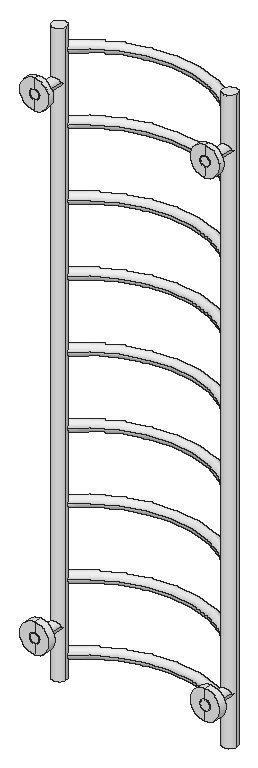
Revit family "LC-9", category Generic Models, host Wall, Revit 2017
Family settings
  Host = Wall
  Can host rebar = No
  Round Connector Dimension = Use Diameter
  Part Type = Normal
  Always vertical = Yes
  Cut with Voids When Loaded = No
  Shared = No
  Room Calculation Point = No
Parameters (values of type "350")
  URL = "http://www.sentakia.com"
  Teho = "kromi: 150 W maalattu: 195 W"
  Sentakia_Material_Default = Stainless Steel, Polished_sentakia
  Model = "LS-9/350"
  Materiaali = "kromattu messinki (CuZn36As)"
  Manufacturer = "Sentakia Oy"
  Leveys = 350 mm
  LVI = "5489948"
  Keynote = "6120"
  Height = 1200 mm  # constant formula
  EAN = "4770046007580"
  Depth = 88 mm  # constant formula
  Assembly Code = ""
  600 = no
  500 = no
  350 = yes
Types (3, lengths in mm): name | URL | Teho | Model | Leveys | LVI | EAN | 600 | 500 | 350
  350 | "http://www.sentakia.com" | "kromi: 150 W maalattu: 195 W" | "LS-9/350" | 350 | "5489948" | "4770046007580" | no | no | yes
  500 | "www.sentakia.com" | "kromi: 167 W maalattu: 217 W" | "LS-9/500" | 500 | "5489949" | "4770046007597" | no | yes | no
  600 | "www.sentakia.com" | "kromi: 180 W maalattu: 234 W" | "LS-9/600" | 600 | "5489950" | "4770046007177" | yes | no | no
Reference planes
  plane 1 "Wall": y = 0
  plane 2 "Center (Left/Right)": x = 125
  plane 3 "Back": y = 75
  plane 4: z = 1880
  plane 5: y = 163
  plane 6: y = 135
  plane 7 "Center of lower handler": z = 780
  plane 8: z = 1780
  plane 9: z = 790
  plane 10: z = 770
  plane 11 "r": x = 300
  plane 12 "l": x = -50
  plane 13: y = 149
  plane 14: y = 159
  plane 15: y = 139
  plane 16 "Tikas1": z = 1840
  plane 17 "Tikas3": z = 1561.25
  plane 18 "Tikas4": z = 1421.875
  plane 19 "Tikas5": z = 1282.5
  plane 20 "Bottom": z = 680
  plane 21 "Tikas2": z = 1700.625
  plane 22: y = 205
  plane 23 "Tikas6": z = 1143.125
  plane 24 "Tikas7": z = 1003.75
  plane 25 "Tikas8": z = 864.375
  plane 26 "Tikas9": z = 725
  plane 27: y = 190
  plane 28: y = 215
Forms (mm)
  Extrusion 1, solid, material "Stainless Steel, Polished_sentakia" <- "Sentakia_Material_Default", visible <- "600", detail levels medium+fine
    sketch origin (0, 0, 0) x (1, 0, 0) y (0, 0, 1)
      loop
        circle (300, 780) r 10
    from -149 to -75
  Extrusion 2, solid, material "Stainless Steel, Polished_sentakia" <- "Sentakia_Material_Default", visible <- "600", detail levels medium+fine
    sketch origin (0, 0, 0) x (1, 0, 0) y (0, 0, 1)
      loop
        circle (-50, 780) r 10
    from -149 to -75
  Extrusion 3, solid, material "Stainless Steel, Polished_sentakia" <- "Sentakia_Material_Default", visible <- "600", detail levels medium+fine
    sketch origin (0, 0, 310) x (1, 0, 0) y (0, 0, 1)
      loop
        circle (-50, 1470) r 10
    from -149 to -75
  Extrusion 4, solid, material "Stainless Steel, Polished_sentakia" <- "Sentakia_Material_Default", visible <- "600", detail levels medium+fine
    sketch origin (0, 0, 0) x (1, 0, 0) y (0, 1, 0)
      loop
        circle (-50, 149) r 14
    from 680 to 1880
  Extrusion 5, solid, material "Stainless Steel, Polished_sentakia" <- "Sentakia_Material_Default", visible <- "600", detail levels medium+fine
    sketch origin (0, 0, 0) x (1, 0, 0) y (0, 1, 0)
      loop
        circle (300, 149) r 14
    from 680 to 1880
  Revolve 6, solid, material "Stainless Steel, Polished_sentakia" <- "Sentakia_Material_Default", detail levels medium+fine
    sketch origin (300, 0, 0) x (0, 0, 1) y (0, 1, 0)
      loop
        line (790, 75.434) -> (810, 75.434) -> (810, 90.434) -> (790, 101.972) -> (790, 75.434)
      axis (780, 75.434) -> (780, 101.972)
    angle from 0 to 360
  Revolve 7, solid, material "Stainless Steel, Polished_sentakia" <- "Sentakia_Material_Default", detail levels medium+fine
    sketch origin (-50, 0, 0) x (0, 0, 1) y (0, 1, 0)
      loop
        line (790, 75) -> (810, 75) -> (810, 90) -> (790, 101.538) -> (790, 75)
      axis (780, 75) -> (780, 101.538)
    angle from 0 to 360
  Revolve 8, solid, material "Stainless Steel, Polished_sentakia" <- "Sentakia_Material_Default", detail levels medium+fine
    sketch origin (300, 0, 0) x (0, 0, 1) y (0, 1, 0)
      loop
        line (1790, 75) -> (1810, 75) -> (1810, 85) -> (1790, 85) -> (1790, 75)
      axis (1780, 75) -> (1780, 85)
    angle from 0 to 360
  Revolve 9, solid, material "Stainless Steel, Polished_sentakia" <- "Sentakia_Material_Default", detail levels medium+fine
    sketch origin (-50, 0, 0) x (0, 0, 1) y (0, 1, 0)
      loop
        line (1790, 75) -> (1810, 75) -> (1810, 85) -> (1790, 85) -> (1790, 75)
      axis (1780, 75) -> (1780, 85)
    angle from 0 to 360
  Extrusion 10, solid, material "Stainless Steel, Polished_sentakia" <- "Sentakia_Material_Default", visible <- "600", detail levels medium+fine
    sketch origin (0, 0, 0) x (1, 0, 0) y (0, 0, 1)
      loop
        circle (300, 1780) r 10
    from -149 to -75
  Extrusion 11, solid, material "Stainless Steel, Polished_sentakia" <- "Sentakia_Material_Default", detail levels coarse
    sketch origin (125, 0, 0) x (0, 1, 0) y (0, 0, 1)
      loop
        line (163, 1880) -> (75, 1880) -> (75, 680) -> (163, 680) -> (163, 1880)
    from -175 to 175
  Sweep 12, solid, material "Stainless Steel, Polished_sentakia" <- "Sentakia_Material_Default", visible <- "600", detail levels medium+fine
    path origin (0, 0, 1700.625) x (1, 0, 0) y (0, 1, 0)
      loop
        arc (-50, 149) -> (125, 168.498) -> (300, 149) r 795.07
    profile origin (125, 168.498, 1700.625) x (0, 1, 0) y (0, 0, 1)
      loop
        circle (0, 0) r 10
  Sweep 13, solid, material "Stainless Steel, Polished_sentakia" <- "Sentakia_Material_Default", visible <- "600", detail levels medium+fine
    path origin (0, 0, 1561.25) x (0, 1, 0) y (-1, 0, 0)
      loop
        arc (149, 50) -> (168.498, -125) -> (149, -300) r 795.07
    profile origin (125, 168.498, 1561.25) x (0, 1, 0) y (0, 0, 1)
      loop
        circle (0, 0) r 10
  Sweep 14, solid, material "Stainless Steel, Polished_sentakia" <- "Sentakia_Material_Default", visible <- "600", detail levels medium+fine
    path origin (0, 0, 1421.875) x (-1, 0, 0) y (0, 1, 0)
      loop
        arc (50, 149) -> (-125, 168.498) -> (-300, 149) r 795.07
    profile origin (125, 168.498, 1421.875) x (0, 1, 0) y (0, 0, 1)
      loop
        circle (0, 0) r 10
  Sweep 15, solid, material "Stainless Steel, Polished_sentakia" <- "Sentakia_Material_Default", visible <- "600", detail levels medium+fine
    path origin (0, 0, 1282.5) x (-1, 0, 0) y (0, 1, 0)
      loop
        arc (50, 149) -> (-125, 168.498) -> (-300, 149) r 795.07
    profile origin (125, 168.498, 1282.5) x (0, 1, 0) y (0, 0, 1)
      loop
        circle (0, 0) r 10
  Sweep 16, solid, material "Stainless Steel, Polished_sentakia" <- "Sentakia_Material_Default", visible <- "600", detail levels medium+fine
    path origin (0, 0, 1840) x (0, 1, 0) y (-1, 0, 0)
      loop
        arc (149, 50) -> (168.498, -125) -> (149, -300) r 795.07
    profile origin (125, 168.498, 1840) x (0, 1, 0) y (0, 0, 1)
      loop
        circle (0, 0) r 10
  Sweep 17, solid, material "Stainless Steel, Polished_sentakia" <- "Sentakia_Material_Default", visible <- "600", detail levels medium+fine
    path origin (0, 0, 1143.125) x (1, 0, 0) y (0, 1, 0)
      loop
        arc (-50, 149) -> (125, 168.498) -> (300, 149) r 795.07
    profile origin (125, 168.498, 1143.125) x (0, 1, 0) y (0, 0, 1)
      loop
        circle (0, 0) r 10
  Sweep 18, solid, material "Stainless Steel, Polished_sentakia" <- "Sentakia_Material_Default", visible <- "600", detail levels medium+fine
    path origin (0, 0, 1003.75) x (1, 0, 0) y (0, 1, 0)
      loop
        arc (-50, 149) -> (125, 168.498) -> (300, 149) r 795.07
    profile origin (125, 168.498, 1003.75) x (0, 1, 0) y (0, 0, 1)
      loop
        circle (0, 0) r 10
  Sweep 19, solid, material "Stainless Steel, Polished_sentakia" <- "Sentakia_Material_Default", visible <- "600", detail levels medium+fine
    path origin (0, 0, 864.375) x (0, 1, 0) y (-1, 0, 0)
      loop
        arc (149, 50) -> (168.498, -125) -> (149, -300) r 795.07
    profile origin (125, 168.498, 864.375) x (0, 1, 0) y (0, 0, 1)
      loop
        circle (0, 0) r 10
  Sweep 20, solid, material "Stainless Steel, Polished_sentakia" <- "Sentakia_Material_Default", visible <- "600", detail levels medium+fine
    path origin (0, 0, 725) x (0, 1, 0) y (-1, 0, 0)
      loop
        arc (149, 50) -> (168.498, -125) -> (149, -300) r 795.07
    profile origin (125, 168.498, 725) x (0, 1, 0) y (0, 0, 1)
      loop
        circle (0, 0) r 10
  Sweep 21, solid, material "Stainless Steel, Polished_sentakia" <- "Sentakia_Material_Default", visible <- "500", detail levels medium+fine
    path origin (0, 0, 1700.625) x (1, 0, 0) y (0, 1, 0)
      loop
        arc (-50, 139) -> (125, 164.521) -> (300, 139) r 612.766
    profile origin (125, 164.521, 1700.625) x (0, 1, 0) y (0, 0, 1)
      loop
        circle (0, 0) r 10
  Sweep 22, solid, material "Stainless Steel, Polished_sentakia" <- "Sentakia_Material_Default", visible <- "500", detail levels medium+fine
    path origin (0, 0, 1561.25) x (0, 1, 0) y (-1, 0, 0)
      loop
        arc (139, 50) -> (164.521, -125) -> (139, -300) r 612.766
    profile origin (125, 164.521, 1561.25) x (0, 1, 0) y (0, 0, 1)
      loop
        circle (0, 0) r 10
  Sweep 23, solid, material "Stainless Steel, Polished_sentakia" <- "Sentakia_Material_Default", visible <- "500", detail levels medium+fine
    path origin (0, 0, 1421.875) x (-1, 0, 0) y (0, 1, 0)
      loop
        arc (50, 139) -> (-125, 164.521) -> (-300, 139) r 612.766
    profile origin (125, 164.521, 1421.875) x (0, 1, 0) y (0, 0, 1)
      loop
        circle (0, 0) r 10
  Sweep 24, solid, material "Stainless Steel, Polished_sentakia" <- "Sentakia_Material_Default", visible <- "500", detail levels medium+fine
    path origin (0, 0, 1282.5) x (-1, 0, 0) y (0, 1, 0)
      loop
        arc (50, 139) -> (-125, 164.521) -> (-300, 139) r 612.766
    profile origin (125, 164.521, 1282.5) x (0, 1, 0) y (0, 0, 1)
      loop
        circle (0, 0) r 10
  Sweep 25, solid, material "Stainless Steel, Polished_sentakia" <- "Sentakia_Material_Default", visible <- "500", detail levels medium+fine
    path origin (0, 0, 1840) x (0, 1, 0) y (-1, 0, 0)
      loop
        arc (139, 50) -> (164.521, -125) -> (139, -300) r 612.766
    profile origin (125, 164.521, 1840) x (0, 1, 0) y (0, 0, 1)
      loop
        circle (0, 0) r 10
  Sweep 26, solid, material "Stainless Steel, Polished_sentakia" <- "Sentakia_Material_Default", visible <- "500", detail levels medium+fine
    path origin (0, 0, 1143.125) x (1, 0, 0) y (0, 1, 0)
      loop
        arc (-50, 139) -> (125, 164.521) -> (300, 139) r 612.766
    profile origin (125, 164.521, 1143.125) x (0, 1, 0) y (0, 0, 1)
      loop
        circle (0, 0) r 10
  Sweep 27, solid, material "Stainless Steel, Polished_sentakia" <- "Sentakia_Material_Default", visible <- "500", detail levels medium+fine
    path origin (0, 0, 1003.75) x (1, 0, 0) y (0, 1, 0)
      loop
        arc (-50, 139) -> (125, 164.521) -> (300, 139) r 612.766
    profile origin (125, 164.521, 1003.75) x (0, 1, 0) y (0, 0, 1)
      loop
        circle (0, 0) r 10
  Sweep 28, solid, material "Stainless Steel, Polished_sentakia" <- "Sentakia_Material_Default", visible <- "500", detail levels medium+fine
    path origin (0, 0, 864.375) x (0, 1, 0) y (-1, 0, 0)
      loop
        arc (139, 50) -> (164.521, -125) -> (139, -300) r 612.766
    profile origin (125, 164.521, 864.375) x (0, 1, 0) y (0, 0, 1)
      loop
        circle (0, 0) r 10
  Sweep 29, solid, material "Stainless Steel, Polished_sentakia" <- "Sentakia_Material_Default", visible <- "500", detail levels medium+fine
    path origin (0, 0, 725) x (0, 1, 0) y (-1, 0, 0)
      loop
        arc (139, 50) -> (164.521, -125) -> (139, -300) r 612.766
    profile origin (125, 164.521, 725) x (0, 1, 0) y (0, 0, 1)
      loop
        circle (0, 0) r 10
  Sweep 30, solid, material "Stainless Steel, Polished_sentakia" <- "Sentakia_Material_Default", visible <- "350", detail levels medium+fine
    path origin (0, 0, 1700.625) x (1, 0, 0) y (0, 1, 0)
      loop
        arc (-50, 139) -> (125, 215) -> (300, 139) r 239.48
    profile origin (125, 215, 1700.625) x (0, 1, 0) y (0, 0, 1)
      loop
        circle (0, 0) r 10
  Sweep 31, solid, material "Stainless Steel, Polished_sentakia" <- "Sentakia_Material_Default", visible <- "350", detail levels medium+fine
    path origin (0, 0, 1561.25) x (0, 1, 0) y (-1, 0, 0)
      loop
        arc (139, 50) -> (215, -125) -> (139, -300) r 239.48
    profile origin (125, 215, 1561.25) x (0, 1, 0) y (0, 0, 1)
      loop
        circle (0, 0) r 10
  Sweep 32, solid, material "Stainless Steel, Polished_sentakia" <- "Sentakia_Material_Default", visible <- "350", detail levels medium+fine
    path origin (0, 0, 1421.875) x (-1, 0, 0) y (0, 1, 0)
      loop
        arc (50, 139) -> (-125, 215) -> (-300, 139) r 239.48
    profile origin (125, 215, 1421.875) x (0, 1, 0) y (0, 0, 1)
      loop
        circle (0, 0) r 10
  Sweep 33, solid, material "Stainless Steel, Polished_sentakia" <- "Sentakia_Material_Default", visible <- "350", detail levels medium+fine
    path origin (0, 0, 1282.5) x (-1, 0, 0) y (0, 1, 0)
      loop
        arc (50, 139) -> (-125, 215) -> (-300, 139) r 239.48
    profile origin (125, 215, 1282.5) x (0, 1, 0) y (0, 0, 1)
      loop
        circle (0, 0) r 10
  Sweep 34, solid, material "Stainless Steel, Polished_sentakia" <- "Sentakia_Material_Default", visible <- "350", detail levels medium+fine
    path origin (81.425, 71.558, 1840) x (-0.682646, 0.730749, 0) y (-0.730749, -0.682646, 0)
      loop
        arc (139, 50) -> (75.074, -129.762) -> (-99.926, -205.762) r 239.48
    profile origin (125, 215, 1840) x (0, 1, 0) y (0, 0, 1)
      loop
        circle (0, 0) r 10
  Sweep 35, solid, material "Stainless Steel, Polished_sentakia" <- "Sentakia_Material_Default", visible <- "350", detail levels medium+fine
    path origin (0, 0, 1143.125) x (1, 0, 0) y (0, 1, 0)
      loop
        arc (-50, 139) -> (125, 215) -> (300, 139) r 239.48
    profile origin (125, 215, 1143.125) x (0, 1, 0) y (0, 0, 1)
      loop
        circle (0, 0) r 10
  Sweep 36, solid, material "Stainless Steel, Polished_sentakia" <- "Sentakia_Material_Default", visible <- "350", detail levels medium+fine
    path origin (0, 0, 1003.75) x (1, 0, 0) y (0, 1, 0)
      loop
        arc (-50, 139) -> (125, 215) -> (300, 139) r 239.48
    profile origin (125, 215, 1003.75) x (0, 1, 0) y (0, 0, 1)
      loop
        circle (0, 0) r 10
  Sweep 37, solid, material "Stainless Steel, Polished_sentakia" <- "Sentakia_Material_Default", visible <- "350", detail levels medium+fine
    path origin (0, 0, 864.375) x (0, 1, 0) y (-1, 0, 0)
      loop
        arc (139, 50) -> (215, -125) -> (139, -300) r 239.48
    profile origin (125, 215, 864.375) x (0, 1, 0) y (0, 0, 1)
      loop
        circle (0, 0) r 10
  Sweep 38, solid, material "Stainless Steel, Polished_sentakia" <- "Sentakia_Material_Default", visible <- "350", detail levels medium+fine
    path origin (0, 0, 725) x (0, 1, 0) y (-1, 0, 0)
      loop
        arc (139, 50) -> (215, -125) -> (139, -300) r 239.48
    profile origin (125, 215, 725) x (0, 1, 0) y (0, 0, 1)
      loop
        circle (0, 0) r 10
  Extrusion 39, solid, material "Stainless Steel, Polished_sentakia" <- "Sentakia_Material_Default", visible <- "600", detail levels medium+fine
    sketch origin (0, 0, 0) x (1, 0, 0) y (0, 1, 0)
      loop
        circle (-50, 149) r 14
    from 680 to 1880
  Extrusion 40, solid, material "Stainless Steel, Polished_sentakia" <- "Sentakia_Material_Default", visible <- "600", detail levels medium+fine
    sketch origin (0, 0, 0) x (1, 0, 0) y (0, 1, 0)
      loop
        circle (300, 149) r 14
    from 680 to 1880
  Extrusion 41, solid, material "Stainless Steel, Polished_sentakia" <- "Sentakia_Material_Default", visible <- "350", detail levels medium+fine
    sketch origin (0, -10, 0) x (1, 0, 0) y (0, 1, 0)
      loop
        circle (-50, 149) r 14
    from 680 to 1880
  Extrusion 42, solid, material "Stainless Steel, Polished_sentakia" <- "Sentakia_Material_Default", visible <- "350", detail levels medium+fine
    sketch origin (0, -10, 0) x (1, 0, 0) y (0, 1, 0)
      loop
        circle (300, 149) r 14
    from 680 to 1880
  Extrusion 43, solid, material "Stainless Steel, Polished_sentakia" <- "Sentakia_Material_Default", visible <- "500", detail levels medium+fine
    sketch origin (0, -10, 0) x (1, 0, 0) y (0, 1, 0)
      loop
        circle (-50, 149) r 14
    from 680 to 1880
  Extrusion 44, solid, material "Stainless Steel, Polished_sentakia" <- "Sentakia_Material_Default", visible <- "500", detail levels medium+fine
    sketch origin (0, -10, 0) x (1, 0, 0) y (0, 1, 0)
      loop
        circle (300, 149) r 14
    from 680 to 1880
  Extrusion 45, solid, material "Stainless Steel, Polished_sentakia" <- "Sentakia_Material_Default", visible <- "500", detail levels medium+fine
    sketch origin (0, 0, 310) x (1, 0, 0) y (0, 0, 1)
      loop
        circle (-50, 1470) r 10
    from -139 to -75
  Extrusion 46, solid, material "Stainless Steel, Polished_sentakia" <- "Sentakia_Material_Default", visible <- "500", detail levels medium+fine
    sketch origin (0, 0, 0) x (1, 0, 0) y (0, 0, 1)
      loop
        circle (300, 1780) r 10
    from -139 to -75
  Extrusion 47, solid, material "Stainless Steel, Polished_sentakia" <- "Sentakia_Material_Default", visible <- "600", detail levels medium+fine
    sketch origin (0, 0, 310) x (1, 0, 0) y (0, 0, 1)
      loop
        circle (-50, 1470) r 10
    from -149 to -75
  Extrusion 48, solid, material "Stainless Steel, Polished_sentakia" <- "Sentakia_Material_Default", visible <- "600", detail levels medium+fine
    sketch origin (0, 0, 0) x (1, 0, 0) y (0, 0, 1)
      loop
        circle (300, 1780) r 10
    from -149 to -75
  Extrusion 49, solid, material "Stainless Steel, Polished_sentakia" <- "Sentakia_Material_Default", visible <- "500", detail levels medium+fine
    sketch origin (0, 0, 0) x (1, 0, 0) y (0, 0, 1)
      loop
        circle (300, 780) r 10
    from -139 to -75
  Extrusion 50, solid, material "Stainless Steel, Polished_sentakia" <- "Sentakia_Material_Default", visible <- "500", detail levels medium+fine
    sketch origin (0, 0, 0) x (1, 0, 0) y (0, 0, 1)
      loop
        circle (-50, 780) r 10
    from -139 to -75
  Extrusion 51, solid, material "Stainless Steel, Polished_sentakia" <- "Sentakia_Material_Default", visible <- "500", detail levels medium+fine
    sketch origin (0, 0, 310) x (1, 0, 0) y (0, 0, 1)
      loop
        circle (-50, 1470) r 10
    from -139 to -75
  Extrusion 52, solid, material "Stainless Steel, Polished_sentakia" <- "Sentakia_Material_Default", visible <- "500", detail levels medium+fine
    sketch origin (0, 0, 0) x (1, 0, 0) y (0, 0, 1)
      loop
        circle (300, 1780) r 10
    from -139 to -75
  Extrusion 53, solid, material "Stainless Steel, Polished_sentakia" <- "Sentakia_Material_Default", visible <- "350", detail levels medium+fine
    sketch origin (0, 0, 0) x (1, 0, 0) y (0, 0, 1)
      loop
        circle (300, 780) r 10
    from -139 to -75
  Extrusion 54, solid, material "Stainless Steel, Polished_sentakia" <- "Sentakia_Material_Default", visible <- "350", detail levels medium+fine
    sketch origin (0, 0, 0) x (1, 0, 0) y (0, 0, 1)
      loop
        circle (-50, 780) r 10
    from -139 to -75
  Extrusion 55, solid, material "Stainless Steel, Polished_sentakia" <- "Sentakia_Material_Default", visible <- "350", detail levels medium+fine
    sketch origin (0, 0, 310) x (1, 0, 0) y (0, 0, 1)
      loop
        circle (-50, 1470) r 10
    from -139 to -75
  Extrusion 56, solid, material "Stainless Steel, Polished_sentakia" <- "Sentakia_Material_Default", visible <- "350", detail levels medium+fine
    sketch origin (0, 0, 0) x (1, 0, 0) y (0, 0, 1)
      loop
        circle (300, 1780) r 10
    from -139 to -75
Cuts and joins
  joined: Extrusion 4, Extrusion 5, Sweep 12, Sweep 13, Sweep 14, Sweep 15, Sweep 16, Sweep 17, Sweep 18, Sweep 19, Sweep 20
Text (mm)
  text "Placement Side" at (-1848.837, 1116.779, 0), in view "Ref. Level"
  text "Placement side" at (0, 1409.804, 2854.306), in view "Left"
  text "Placement side" at (0, 499.811, 2980.732), in view "Right"
Dimensions and locks
  locked: plane 3 "Back" to host wall
  "Depth": plane 5 to host wall
  locked: plane 5 to plane 6 at 28
  "Leveys": plane 12 "l" to plane 11 "r"
  plane 8 to level = 1780 mm
  locked: host wall to plane 13 at 74
  locked: plane 14 to plane 15 at 20
  plane 20 "Bottom" to plane 7 "Center of lower handler" = 100 mm
  plane 4 to plane 8 = 100 mm
  equal spacing: plane 12 "l", plane 2 "Center (Left/Right)", plane 11 "r"
  "Height": plane 20 "Bottom" to plane 4
  plane 7 "Center of lower handler" to plane 8 = 1000 mm
  locked: plane 20 "Bottom" to plane 7 "Center of lower handler" at 100
  locked: plane 8 to plane 4 at 100
  plane 16 "Tikas1" to plane 4 = 40 mm
  plane 8 to plane 7 "Center of lower handler" = 1000 mm
  plane 20 "Bottom" to plane 24 "Tikas7" = 323.75 mm
  equal spacing: plane 26 "Tikas9", plane 25 "Tikas8", plane 24 "Tikas7", plane 23 "Tikas6", plane 19 "Tikas5", plane 18 "Tikas4", plane 17 "Tikas3", plane 21 "Tikas2", plane 16 "Tikas1"
  locked: plane 3 "Back" to plane 22 at 130
  plane 3 "Back" to plane 27 = 115 mm
  locked: plane 3 "Back" to plane 28 at 140
  aligned and locked: plane 1 "Wall" to host wall
  aligned and locked: Extrusion 1 to host wall
  aligned and locked: Extrusion 2 to host wall
  aligned and locked: Extrusion 3 to host wall
  aligned and locked: plane 4 to Extrusion 4
  aligned and locked: plane 4 to Extrusion 5
  aligned and locked: Revolve 8 sketch curve to plane 8
  aligned and locked: Revolve 9 sketch curve to plane 8
  aligned and locked: Extrusion 10 to host wall
  aligned and locked: plane 12 "l" to Extrusion 3 sketch curve
  aligned and locked: plane 7 "Center of lower handler" to Revolve 7 sketch curve
  aligned and locked: Revolve 6 sketch curve to plane 7 "Center of lower handler"
  aligned and locked: plane 11 "r" to Extrusion 10 sketch curve
  aligned and locked: plane 8 to Extrusion 10 sketch curve
  aligned and locked: Extrusion 3 to Extrusion 10
  aligned and locked: Extrusion 10 to plane 13
  aligned and locked: plane 3 "Back" to Revolve 7
  aligned and locked: cut or joined group 1 (Extrusion 4, Extrusion 5, Sweep 12, Sweep 13, Sweep 14, Sweep 15, Sweep 16, Sweep 17, Sweep 18, Sweep 19, Sweep 20) to plane 20 "Bottom"  (x2)
  aligned and locked: plane 4 to Extrusion 11
  aligned and locked: Extrusion 11 to cut or joined group 1
  aligned and locked: Extrusion 11 to plane 11 "r"
  aligned and locked: plane 12 "l" to Extrusion 11
  aligned and locked: Extrusion 11 to host wall
  aligned and locked: Extrusion 45 to Extrusion 46
  aligned and locked: Extrusion 45 to plane 15
  aligned and locked: Extrusion 47 to Extrusion 48
  aligned and locked: Extrusion 2 to Extrusion 3
  aligned and locked: Extrusion 51 to Extrusion 52
  aligned and locked: Extrusion 51 to plane 15
  aligned and locked: Extrusion 50 to plane 15
  aligned and locked: Extrusion 49 to plane 15
  aligned and locked: plane 3 "Back" to Extrusion 51
  aligned and locked: plane 3 "Back" to Extrusion 52
  aligned and locked: plane 3 "Back" to Extrusion 46
  aligned and locked: Extrusion 55 to Extrusion 56
  aligned and locked: Extrusion 56 to plane 15
  aligned and locked: Extrusion 53 to plane 15
  aligned and locked: Extrusion 55 to plane 15
  aligned and locked: plane 15 to Extrusion 41 sketch curve
  aligned and locked: plane 12 "l" to Extrusion 41 sketch curve
  aligned and locked: plane 15 to Extrusion 42 sketch curve
  aligned and locked: plane 11 "r" to Extrusion 42 sketch curve
  aligned and locked: plane 15 to Extrusion 51  (x2)
  aligned and locked: Extrusion 52 to plane 15
  aligned and locked: Extrusion 46 to plane 15
  aligned and locked: plane 15 to Extrusion 44 sketch curve
  aligned and locked: plane 11 "r" to Extrusion 44 sketch curve
  aligned and locked: plane 15 to Extrusion 43 sketch curve
  aligned and locked: plane 12 "l" to Extrusion 43 sketch curve
  aligned and locked: Extrusion 47 to plane 13
  aligned and locked: Extrusion 3 to plane 13
  aligned and locked: Extrusion 48 to plane 13
  aligned and locked: Extrusion 1 to plane 13
  aligned and locked: plane 11 "r" to Extrusion 40 sketch curve
  aligned and locked: plane 13 to Extrusion 40 sketch curve
  aligned and locked: plane 12 "l" to Extrusion 39 sketch curve
  aligned and locked: plane 13 to Extrusion 39 sketch curve
Automatic sketch dimensions
  Extrusion 1 sketch curve to plane 7 "Center of lower handler" = 0 mm
  plane 11 "r" to Extrusion 1 sketch curve = 0 mm
  Extrusion 2 sketch curve to plane 7 "Center of lower handler" = 0 mm
  plane 12 "l" to Extrusion 2 sketch curve = 0 mm
  Extrusion 3 sketch curve to plane 8 = 0 mm
  Extrusion 4 sketch curve to plane 12 "l" = 0 mm
  plane 13 to Extrusion 4 sketch curve = 0 mm
  Extrusion 5 sketch curve to plane 11 "r" = 0 mm
  plane 13 to Extrusion 5 sketch curve = 0 mm
  Revolve 8 sketch curve to host wall = 0 mm  (x2)
  plane 8 to Revolve 8 sketch curve = 10 mm
  Revolve 8 sketch curve to plane 16 "Tikas1" = 30 mm
  host wall to Revolve 8 sketch curve = 10 mm
  plane 6 to Revolve 8 sketch curve = 20 mm
  Revolve 9 sketch curve to host wall = 0 mm  (x2)
  Revolve 9 sketch curve to Revolve 9 sketch curve = 10 mm
  Revolve 9 sketch curve to plane 16 "Tikas1" = 30 mm
  host wall to Revolve 9 sketch curve = 10 mm
  plane 6 to Revolve 9 sketch curve = 20 mm
  Extrusion 11 sketch curve to host wall = 0 mm
  Extrusion 11 sketch curve to plane 5 = 0 mm
  Extrusion 11 sketch curve to plane 20 "Bottom" = 0 mm
  Extrusion 11 sketch curve to plane 4 = 0 mm
  Sweep 12 sketch curve to plane 21 "Tikas2" = 0 mm
  Sweep 12 sketch curve to profile plane = 0 mm
  Sweep 13 sketch curve to plane 17 "Tikas3" = 0 mm
  Sweep 13 sketch curve to profile plane = 0 mm
  plane 18 "Tikas4" to Sweep 14 sketch curve = 0 mm
  Sweep 14 sketch curve to profile plane = 0 mm
  plane 19 "Tikas5" to Sweep 15 sketch curve = 0 mm
  Sweep 15 sketch curve to profile plane = 0 mm
  Sweep 16 sketch curve to plane 16 "Tikas1" = 0 mm
  Sweep 16 sketch curve to profile plane = 0 mm
  Sweep 17 sketch curve to plane 23 "Tikas6" = 0 mm
  Sweep 17 sketch curve to profile plane = 0 mm
  Sweep 18 sketch curve to plane 24 "Tikas7" = 0 mm
  Sweep 18 sketch curve to profile plane = 0 mm
  Sweep 19 sketch curve to profile plane = 0 mm  (x2)
  Sweep 20 sketch curve to profile plane = 0 mm  (x2)
  Revolve 7 sketch curve to plane 9 = 0 mm
  Revolve 7 sketch curve to host wall = 0 mm
  Revolve 7 sketch curve to Revolve 7 sketch curve = 20 mm
  Revolve 7 sketch curve to host wall = 0.781 mm
  host wall to Revolve 7 sketch curve = 15 mm
  Revolve 7 sketch curve to Revolve 7 sketch curve = 11.538 mm
  plane 6 to Revolve 7 sketch curve = 13.43 mm
  Revolve 6 sketch curve to plane 9 = 0 mm
  host wall to Revolve 6 sketch curve = 0.434 mm
  Revolve 6 sketch curve to Revolve 6 sketch curve = 20 mm
  Revolve 6 sketch curve to host wall = 0.781 mm
  Revolve 6 sketch curve to Revolve 6 sketch curve = 15 mm
  Revolve 6 sketch curve to Revolve 6 sketch curve = 11.538 mm
  plane 6 to Revolve 6 sketch curve = 13.43 mm
  Sweep 16 sketch curve to plane 2 "Center (Left/Right)" = 0 mm
  Sweep 16 sketch curve to plane 11 "r" = 0 mm
  plane 13 to Sweep 16 sketch curve = 0 mm
  Sweep 16 sketch curve to plane 12 "l" = 0 mm
  plane 1 "Wall" to Sweep 16 sketch curve = 626.571 mm
  Sweep 12 sketch curve to plane 12 "l" = 0 mm
  Sweep 12 sketch curve to plane 2 "Center (Left/Right)" = 0 mm
  Sweep 12 sketch curve to plane 11 "r" = 0 mm
  plane 13 to Sweep 12 sketch curve = 0 mm
  plane 1 "Wall" to Sweep 12 sketch curve = 626.571 mm
  Sweep 13 sketch curve to plane 2 "Center (Left/Right)" = 0 mm
  Sweep 13 sketch curve to plane 11 "r" = 0 mm
  plane 13 to Sweep 13 sketch curve = 0 mm
  Sweep 13 sketch curve to plane 12 "l" = 0 mm
  plane 1 "Wall" to Sweep 13 sketch curve = 626.571 mm
  Sweep 14 sketch curve to plane 11 "r" = 0 mm
  Sweep 14 sketch curve to plane 2 "Center (Left/Right)" = 0 mm
  Sweep 14 sketch curve to plane 12 "l" = 0 mm
  plane 13 to Sweep 14 sketch curve = 0 mm
  Sweep 14 sketch curve to plane 1 "Wall" = 626.571 mm
  Sweep 15 sketch curve to plane 11 "r" = 0 mm
  Sweep 15 sketch curve to plane 2 "Center (Left/Right)" = 0 mm
  Sweep 15 sketch curve to plane 12 "l" = 0 mm
  plane 13 to Sweep 15 sketch curve = 0 mm
  Sweep 15 sketch curve to plane 1 "Wall" = 626.571 mm
  Sweep 17 sketch curve to plane 12 "l" = 0 mm
  Sweep 17 sketch curve to plane 2 "Center (Left/Right)" = 0 mm
  Sweep 17 sketch curve to plane 11 "r" = 0 mm
  plane 13 to Sweep 17 sketch curve = 0 mm
  plane 1 "Wall" to Sweep 17 sketch curve = 626.571 mm
  Sweep 18 sketch curve to plane 12 "l" = 0 mm
  Sweep 18 sketch curve to plane 2 "Center (Left/Right)" = 0 mm
  Sweep 18 sketch curve to plane 11 "r" = 0 mm
  plane 13 to Sweep 18 sketch curve = 0 mm
  plane 1 "Wall" to Sweep 18 sketch curve = 626.571 mm
  Sweep 19 sketch curve to plane 2 "Center (Left/Right)" = 0 mm
  Sweep 19 sketch curve to plane 11 "r" = 0 mm
  plane 13 to Sweep 19 sketch curve = 0 mm
  Sweep 19 sketch curve to plane 12 "l" = 0 mm
  plane 1 "Wall" to Sweep 19 sketch curve = 626.571 mm
  Sweep 20 sketch curve to plane 2 "Center (Left/Right)" = 0 mm
  Sweep 20 sketch curve to plane 11 "r" = 0 mm
  plane 13 to Sweep 20 sketch curve = 0 mm
  Sweep 20 sketch curve to plane 12 "l" = 0 mm
  plane 1 "Wall" to Sweep 20 sketch curve = 626.571 mm
  Sweep 21 sketch curve to plane 21 "Tikas2" = 0 mm
  Sweep 21 sketch curve to profile plane = 0 mm
  Sweep 22 sketch curve to plane 17 "Tikas3" = 0 mm
  Sweep 22 sketch curve to profile plane = 0 mm
  plane 18 "Tikas4" to Sweep 23 sketch curve = 0 mm
  Sweep 23 sketch curve to profile plane = 0 mm
  plane 19 "Tikas5" to Sweep 24 sketch curve = 0 mm
  Sweep 24 sketch curve to profile plane = 0 mm
  Sweep 25 sketch curve to plane 16 "Tikas1" = 0 mm
  Sweep 25 sketch curve to profile plane = 0 mm
  Sweep 26 sketch curve to plane 23 "Tikas6" = 0 mm
  Sweep 26 sketch curve to profile plane = 0 mm
  Sweep 27 sketch curve to plane 24 "Tikas7" = 0 mm
  Sweep 27 sketch curve to profile plane = 0 mm
  Sweep 28 sketch curve to plane 25 "Tikas8" = 0 mm
  Sweep 28 sketch curve to profile plane = 0 mm
  Sweep 29 sketch curve to plane 26 "Tikas9" = 0 mm
  Sweep 29 sketch curve to profile plane = 0 mm
  Sweep 25 sketch curve to plane 2 "Center (Left/Right)" = 0 mm
  Sweep 25 sketch curve to plane 11 "r" = 0 mm
  plane 15 to Sweep 25 sketch curve = 0 mm
  Sweep 25 sketch curve to plane 12 "l" = 0 mm
  plane 1 "Wall" to Sweep 25 sketch curve = 448.245 mm
  Sweep 21 sketch curve to plane 12 "l" = 0 mm
  Sweep 21 sketch curve to plane 2 "Center (Left/Right)" = 0 mm
  Sweep 21 sketch curve to plane 11 "r" = 0 mm
  plane 15 to Sweep 21 sketch curve = 0 mm
  plane 1 "Wall" to Sweep 21 sketch curve = 448.245 mm
  Sweep 22 sketch curve to plane 2 "Center (Left/Right)" = 0 mm
  Sweep 22 sketch curve to plane 11 "r" = 0 mm
  plane 15 to Sweep 22 sketch curve = 0 mm
  Sweep 22 sketch curve to plane 12 "l" = 0 mm
  plane 1 "Wall" to Sweep 22 sketch curve = 448.245 mm
  Sweep 23 sketch curve to plane 11 "r" = 0 mm
  Sweep 23 sketch curve to plane 2 "Center (Left/Right)" = 0 mm
  Sweep 23 sketch curve to plane 12 "l" = 0 mm
  plane 15 to Sweep 23 sketch curve = 0 mm
  Sweep 23 sketch curve to plane 1 "Wall" = 448.245 mm
  Sweep 24 sketch curve to plane 11 "r" = 0 mm
  Sweep 24 sketch curve to plane 2 "Center (Left/Right)" = 0 mm
  Sweep 24 sketch curve to plane 12 "l" = 0 mm
  plane 15 to Sweep 24 sketch curve = 0 mm
  Sweep 24 sketch curve to plane 1 "Wall" = 448.245 mm
  Sweep 26 sketch curve to plane 12 "l" = 0 mm
  Sweep 26 sketch curve to plane 2 "Center (Left/Right)" = 0 mm
  Sweep 26 sketch curve to plane 11 "r" = 0 mm
  plane 15 to Sweep 26 sketch curve = 0 mm
  plane 1 "Wall" to Sweep 26 sketch curve = 448.245 mm
  Sweep 27 sketch curve to plane 12 "l" = 0 mm
  Sweep 27 sketch curve to plane 2 "Center (Left/Right)" = 0 mm
  Sweep 27 sketch curve to plane 11 "r" = 0 mm
  plane 15 to Sweep 27 sketch curve = 0 mm
  plane 1 "Wall" to Sweep 27 sketch curve = 448.245 mm
  Sweep 28 sketch curve to plane 2 "Center (Left/Right)" = 0 mm
  Sweep 28 sketch curve to plane 11 "r" = 0 mm
  plane 15 to Sweep 28 sketch curve = 0 mm
  Sweep 28 sketch curve to plane 12 "l" = 0 mm
  plane 1 "Wall" to Sweep 28 sketch curve = 448.245 mm
  Sweep 29 sketch curve to plane 2 "Center (Left/Right)" = 0 mm
  Sweep 29 sketch curve to plane 11 "r" = 0 mm
  plane 15 to Sweep 29 sketch curve = 0 mm
  Sweep 29 sketch curve to plane 12 "l" = 0 mm
  plane 1 "Wall" to Sweep 29 sketch curve = 448.245 mm
  Sweep 30 sketch curve to plane 21 "Tikas2" = 0 mm
  Sweep 30 sketch curve to profile plane = 0 mm
  Sweep 31 sketch curve to plane 17 "Tikas3" = 0 mm
  Sweep 31 sketch curve to profile plane = 0 mm
  plane 18 "Tikas4" to Sweep 32 sketch curve = 0 mm
  Sweep 32 sketch curve to profile plane = 0 mm
  plane 19 "Tikas5" to Sweep 33 sketch curve = 0 mm
  Sweep 33 sketch curve to profile plane = 0 mm
  Sweep 34 sketch curve to plane 16 "Tikas1" = 0 mm
  Sweep 34 sketch curve to profile plane = 0 mm
  Sweep 35 sketch curve to plane 23 "Tikas6" = 0 mm
  Sweep 35 sketch curve to profile plane = 0 mm
  Sweep 36 sketch curve to plane 24 "Tikas7" = 0 mm
  Sweep 36 sketch curve to profile plane = 0 mm
  Sweep 37 sketch curve to plane 25 "Tikas8" = 0 mm
  Sweep 37 sketch curve to profile plane = 0 mm
  Sweep 38 sketch curve to plane 26 "Tikas9" = 0 mm
  Sweep 38 sketch curve to profile plane = 0 mm
  Sweep 30 sketch curve to plane 12 "l" = 0 mm
  Sweep 30 sketch curve to plane 2 "Center (Left/Right)" = 0 mm
  Sweep 30 sketch curve to plane 11 "r" = 0 mm
  plane 15 to Sweep 30 sketch curve = 0 mm
  plane 1 "Wall" to Sweep 30 sketch curve = 24.48 mm
  Sweep 31 sketch curve to plane 2 "Center (Left/Right)" = 0 mm
  Sweep 31 sketch curve to plane 11 "r" = 0 mm
  plane 15 to Sweep 31 sketch curve = 0 mm
  Sweep 31 sketch curve to plane 12 "l" = 0 mm
  plane 1 "Wall" to Sweep 31 sketch curve = 24.48 mm
  Sweep 32 sketch curve to plane 11 "r" = 0 mm
  Sweep 32 sketch curve to plane 2 "Center (Left/Right)" = 0 mm
  Sweep 32 sketch curve to plane 12 "l" = 0 mm
  plane 15 to Sweep 32 sketch curve = 0 mm
  Sweep 32 sketch curve to plane 1 "Wall" = 24.48 mm
  Sweep 33 sketch curve to plane 11 "r" = 0 mm
  Sweep 33 sketch curve to plane 2 "Center (Left/Right)" = 0 mm
  Sweep 33 sketch curve to plane 12 "l" = 0 mm
  plane 15 to Sweep 33 sketch curve = 0 mm
  Sweep 33 sketch curve to plane 1 "Wall" = 24.48 mm
  Sweep 35 sketch curve to plane 12 "l" = 0 mm
  Sweep 35 sketch curve to plane 2 "Center (Left/Right)" = 0 mm
  Sweep 35 sketch curve to plane 11 "r" = 0 mm
  plane 15 to Sweep 35 sketch curve = 0 mm
  plane 1 "Wall" to Sweep 35 sketch curve = 24.48 mm
  Sweep 36 sketch curve to plane 12 "l" = 0 mm
  Sweep 36 sketch curve to plane 2 "Center (Left/Right)" = 0 mm
  Sweep 36 sketch curve to plane 11 "r" = 0 mm
  plane 15 to Sweep 36 sketch curve = 0 mm
  plane 1 "Wall" to Sweep 36 sketch curve = 24.48 mm
  Sweep 37 sketch curve to plane 2 "Center (Left/Right)" = 0 mm
  Sweep 37 sketch curve to plane 11 "r" = 0 mm
  plane 15 to Sweep 37 sketch curve = 0 mm
  Sweep 37 sketch curve to plane 12 "l" = 0 mm
  plane 1 "Wall" to Sweep 37 sketch curve = 24.48 mm
  Sweep 38 sketch curve to plane 2 "Center (Left/Right)" = 0 mm
  Sweep 38 sketch curve to plane 11 "r" = 0 mm
  plane 15 to Sweep 38 sketch curve = 0 mm
  Sweep 38 sketch curve to plane 12 "l" = 0 mm
  plane 1 "Wall" to Sweep 38 sketch curve = 24.48 mm
  Extrusion 45 sketch curve to plane 8 = 0 mm
  plane 12 "l" to Extrusion 45 sketch curve = 0 mm
  Extrusion 46 sketch curve to plane 8 = 0 mm
  plane 11 "r" to Extrusion 46 sketch curve = 0 mm
  Extrusion 47 sketch curve to plane 8 = 0 mm
  plane 12 "l" to Extrusion 47 sketch curve = 0 mm
  Extrusion 48 sketch curve to plane 8 = 0 mm
  plane 11 "r" to Extrusion 48 sketch curve = 0 mm
  Extrusion 49 sketch curve to plane 7 "Center of lower handler" = 0 mm
  plane 11 "r" to Extrusion 49 sketch curve = 0 mm
  Extrusion 50 sketch curve to plane 7 "Center of lower handler" = 0 mm
  plane 12 "l" to Extrusion 50 sketch curve = 0 mm
  Extrusion 51 sketch curve to plane 8 = 0 mm
  plane 12 "l" to Extrusion 51 sketch curve = 0 mm
  Extrusion 52 sketch curve to plane 8 = 0 mm
  plane 11 "r" to Extrusion 52 sketch curve = 0 mm
  Extrusion 53 sketch curve to plane 7 "Center of lower handler" = 0 mm
  plane 11 "r" to Extrusion 53 sketch curve = 0 mm
  Extrusion 54 sketch curve to plane 7 "Center of lower handler" = 0 mm
  plane 12 "l" to Extrusion 54 sketch curve = 0 mm
  Extrusion 55 sketch curve to plane 8 = 0 mm
  plane 12 "l" to Extrusion 55 sketch curve = 0 mm
  Extrusion 56 sketch curve to plane 8 = 0 mm
  plane 11 "r" to Extrusion 56 sketch curve = 0 mm
  Sweep 34 sketch curve to plane 11 "r" = 0 mm
  plane 15 to Sweep 34 sketch curve = 0 mm  (x2)
  Sweep 34 sketch curve to plane 12 "l" = 0 mm
  radius of Extrusion 1 sketch curve = 10 mm
  radius of Extrusion 2 sketch curve = 10 mm
  radius of Extrusion 3 sketch curve = 10 mm
  radius of Extrusion 4 sketch curve = 14 mm
  radius of Extrusion 5 sketch curve = 14 mm
  radius of Extrusion 10 sketch curve = 10 mm
  radius of Sweep 12 sketch curve = 10 mm
  radius of Sweep 13 sketch curve = 10 mm
  radius of Sweep 14 sketch curve = 10 mm
  radius of Sweep 15 sketch curve = 10 mm
  radius of Sweep 16 sketch curve = 10 mm
  radius of Sweep 17 sketch curve = 10 mm
  radius of Sweep 18 sketch curve = 10 mm
  radius of Sweep 19 sketch curve = 10 mm
  radius of Sweep 20 sketch curve = 10 mm
  radius of Sweep 21 sketch curve = 10 mm
  radius of Sweep 22 sketch curve = 10 mm
  radius of Sweep 23 sketch curve = 10 mm
  radius of Sweep 24 sketch curve = 10 mm
  radius of Sweep 25 sketch curve = 10 mm
  radius of Sweep 26 sketch curve = 10 mm
  radius of Sweep 27 sketch curve = 10 mm
  radius of Sweep 28 sketch curve = 10 mm
  radius of Sweep 29 sketch curve = 10 mm
  radius of Sweep 30 sketch curve = 10 mm
  radius of Sweep 31 sketch curve = 10 mm
  radius of Sweep 32 sketch curve = 10 mm
  radius of Sweep 33 sketch curve = 10 mm
  radius of Sweep 34 sketch curve = 10 mm
  radius of Sweep 35 sketch curve = 10 mm
  radius of Sweep 36 sketch curve = 10 mm
  radius of Sweep 37 sketch curve = 10 mm
  radius of Sweep 38 sketch curve = 10 mm
  radius of Extrusion 39 sketch curve = 14 mm
  radius of Extrusion 40 sketch curve = 14 mm
  radius of Extrusion 41 sketch curve = 14 mm
  radius of Extrusion 42 sketch curve = 14 mm
  radius of Extrusion 43 sketch curve = 14 mm
  radius of Extrusion 44 sketch curve = 14 mm
  radius of Extrusion 45 sketch curve = 10 mm
  radius of Extrusion 46 sketch curve = 10 mm
  radius of Extrusion 47 sketch curve = 10 mm
  radius of Extrusion 48 sketch curve = 10 mm
  radius of Extrusion 49 sketch curve = 10 mm
  radius of Extrusion 50 sketch curve = 10 mm
  radius of Extrusion 51 sketch curve = 10 mm
  radius of Extrusion 52 sketch curve = 10 mm
  radius of Extrusion 53 sketch curve = 10 mm
  radius of Extrusion 54 sketch curve = 10 mm
  radius of Extrusion 55 sketch curve = 10 mm
  radius of Extrusion 56 sketch curve = 10 mm
Connectors
  piping at (300, 75, 780), diameter 12
    settings: on Extrusion 1, index 1, connector inside diameter 609.6 mm, connector length 0 mm, flow factor 0, pipe flow 0.0 L/s, pressure drop 0.0 Pa, fitting loss kfactor 0, connector angle 0.00°, fixture units 0, engagement length 0 mm, angle of deflection 0.00°, flow configuration 0, flow direction 0, fitting loss method 0, system type 22, joint type 0, gender type 0, connector reference index -1, connector utility 0, adjustable connector no, is connector primary yes, connector description ""
  piping at (300, 75, 780), diameter 12
    settings: on Extrusion 1, index 2, connector inside diameter 609.6 mm, connector length 0 mm, flow factor 0, pipe flow 0.0 L/s, pressure drop 0.0 Pa, fitting loss kfactor 0, connector angle 0.00°, fixture units 0, engagement length 0 mm, angle of deflection 0.00°, flow configuration 0, flow direction 0, fitting loss method 0, system type 22, joint type 0, gender type 0, connector reference index -1, connector utility 0, adjustable connector no, is connector primary no, connector description ""
  piping at (-50, 75, 780), diameter 12
    settings: on Extrusion 2, index 3, connector inside diameter 609.6 mm, connector length 0 mm, flow factor 0, pipe flow 0.0 L/s, pressure drop 0.0 Pa, fitting loss kfactor 0, connector angle 0.00°, fixture units 0, engagement length 0 mm, angle of deflection 0.00°, flow configuration 0, flow direction 0, fitting loss method 0, system type 22, joint type 0, gender type 0, connector reference index -1, connector utility 0, adjustable connector no, is connector primary no, connector description ""
